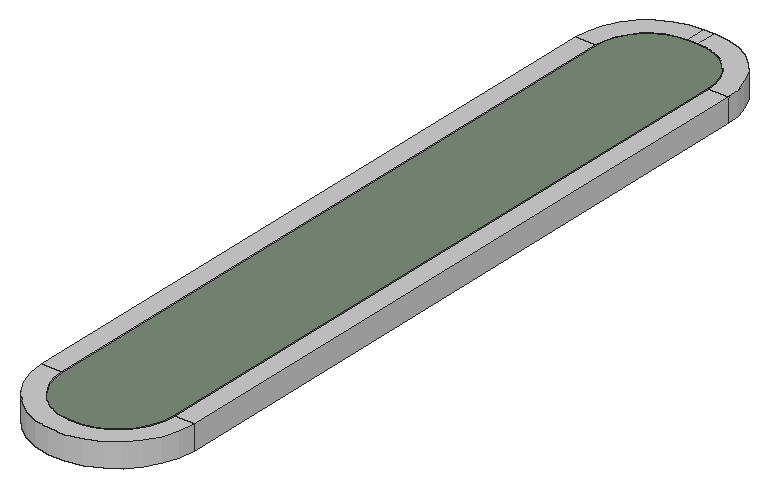
Revit family
Parameters (values of type "2750 x 6100mm - 90 deg.")
  Angle = 90.00°
  Length = 6100 mm
Types (5, lengths in mm): name | Angle
  (no name) | 90.00°
  2750 x 6100mm - 60 deg. | 60.00°
  2750 x 6100mm - 70 deg. | 70.00°
  2750 x 6100mm - 80 deg. | 80.00°
  2750 x 6100mm - 90 deg. | 90.00°
Reference planes
  plane 1: z = 0
  plane 2 "Center (Left/Right)": x = 1264.962
  plane 3 "Center (Front/Back)": y = 859.225
  plane 4: y = -4135.875
  plane 5: x = 1874.562
  plane 6: y = 1392.625
  plane 7: y = -4707.375
Forms (mm)
  Sweep 1, solid, material "Concrete- Cast-In-Place Concrete"
    path origin (0, 0, 0) x (1, 0, 0) y (0, 1, 0)
      loop
        line (731.562, 859.225) -> (731.562, -4135.875)
        arc (731.562, -4135.875) -> (1303.062, -4707.375) -> (1874.562, -4135.875) r 571.5
        line (1874.562, -4135.875) -> (1874.562, 859.225)
        arc (1874.562, 859.225) -> (1718.333, 1236.396) -> (1341.162, 1392.625) r 533.4
        line (1341.162, 1392.625) -> (1264.962, 1392.625)
        arc (1264.962, 1392.625) -> (887.791, 1236.396) -> (731.562, 859.225) r 533.4
    profile origin (0, -1638.325, 0) x (1, 0, 0) y (0, 0, 1)
      loop
        line (731.562, 0) -> (883.962, 0) -> (883.962, 177.8) -> (731.562, 177.8) -> (731.562, 0)
  Extrusion 2, solid, material "Site - Grass"
    sketch origin (0, 0, 0) x (1, 0, 0) y (0, 1, 0)
      loop
        arc (1264.962, 1240.225) -> (995.554, 1128.633) -> (883.962, 859.225) r 381
        line (883.962, 859.225) -> (883.962, -4135.875)
        arc (883.962, -4135.875) -> (1303.062, -4554.975) -> (1722.162, -4135.875) r 419.1
        line (1722.162, -4135.875) -> (1722.162, 859.225)
        arc (1722.162, 859.225) -> (1610.57, 1128.633) -> (1341.162, 1240.225) r 381
        line (1341.162, 1240.225) -> (1264.962, 1240.225)
    from 0 to 177.8
Dimensions and locks
  "Length": plane 7 to plane 6
  locked: plane 7 to plane 4 at 571.5
  locked: plane 3 "Center (Front/Back)" to plane 6 at 533.4
  locked: plane 3 "Center (Front/Back)" to Sweep 1 sketch curve at 533.4
  locked: Sweep 1 sketch curve to Sweep 1 sketch curve at 1143
  locked: plane 3 "Center (Front/Back)" to Extrusion 2 sketch curve at 381
  locked: Extrusion 2 sketch curve to Extrusion 2 sketch curve at 838.2
  "Angle": angle plane 4 to Sweep 1 sketch curve
  "Angle": angle plane 4 to Extrusion 2 sketch curve
Automatic sketch dimensions
  Sweep 1 sketch curve to plane 4 = 0 mm
  Sweep 1 sketch curve to plane 3 "Center (Front/Back)" = 0 mm  (x2)
  Sweep 1 sketch curve to plane 2 "Center (Left/Right)" = 0 mm
  Sweep 1 sketch curve to profile plane = 0 mm
  Sweep 1 sketch curve to level = 0 mm
  Sweep 1 sketch curve to profile plane = 152.4 mm
  level to Sweep 1 sketch curve = 177.8 mm
  Extrusion 2 sketch curve to plane 3 "Center (Front/Back)" = 0 mm  (x2)
  Extrusion 2 sketch curve to plane 4 = 0 mm
  Extrusion 2 sketch curve to plane 2 "Center (Left/Right)" = 0 mm
